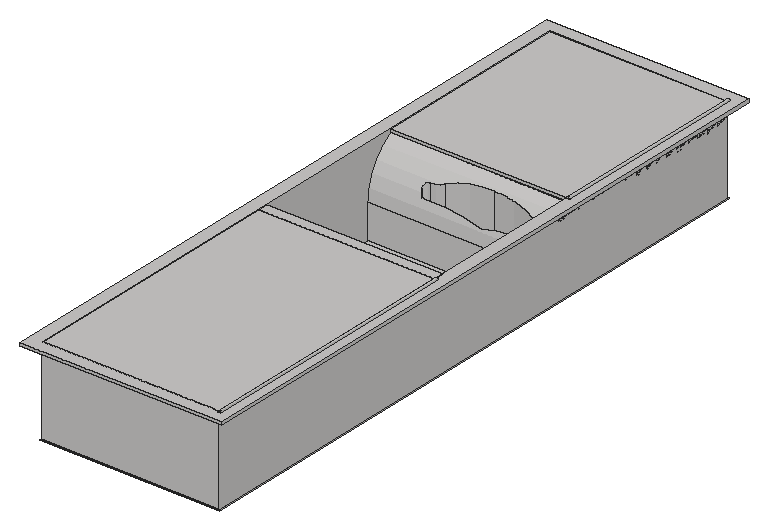
Revit family "Towel_Dispensers-Bradley_Corp-238", category Specialty Equipment, host Face, Revit 2012
Parameters (values of type "Recessed")
  Width = 17 1/8"
  Warranty Information = "Complete unit, excepting mirrors warranted for one year.\r\n Stainless steel mirror frames for fifteen years.\r\n Plate glass mirrors for fifteen years.\r\n This warranty does not cover installation or any other labor charges and does not apply to any units,\r\n which have been damaged by accident, abuse, improper installation, improper maintenance, or altered in any way."
  Void Depth = 7 1/2"
  Version = "2.0"
  URL = "http://www.bradleycorp.com/"
  Type Comments = "Recessed"
  Specifications URL = "http://www.bradleycorp.com/3partspec"
  Product Tech Data URL - Spanish = ""
  Product Tech Data URL - French = ""
  Product Tech Data URL - English = "http://bradleycorp.com/download/152/8140.pdf"
  OmniClass Table 23 Title = "Paper Towel Dispenser, Disposal Units"
  OmniClass Table 23 Number = "23-31 25 19 11"
  OmniClass Table 21 Title = "Toilet, Bath, and Laundry Accessories"
  OmniClass Table 21 Number = "21-03 10 90 40"
  Cup Dispenser = 4"
  Modeling Code = ""
  Model = "238-000000"
  MasterFormat Title = "Toilet Accessories"
  MasterFormat Number = "10 28 13. 13"
  Manufacturer = "Bradley Corporation"
  Industry Standards = ""
  Height = 56"
  Fire Rating = "n/a"
  Description = "Towel Dispenser, Waste Receptacle"
  Depth of which projects = 1/4"
  Depth = 7 1/2"
  Default Elevation = 48"
  Copyright = "This Model Data is Property of Bradley Corporation"
  Cabinet Material = Metal - Bradley Corp - Stainless Steel Satin
  Buy American Act = "Yes"
  Assembly Code = "C1030200"
  ADA Compliant = "Yes"
Types (7): name | Void Depth | Type Comments | Cup Dispenser | Model | Depth of which projects
  (no name) | 7 1/2" | "Recessed" | 4" | "238-000000" | 1/4"
  Recessed | 7 1/2" | "Recessed" | 4" | "238-000000" | 1/4"
  Recessed w/Cup Dispenser | 7 1/2" | "Recessed" | 10" | "238-270000" | 1/4"
  Semi-Recessed | 3 1/2" | "Semi-Recessed" | 4" | "238-100000" | 4"
  Semi-Recessed w/Cup Dispenser | 3 1/2" | "Semi-Recessed" | 10" | "238-102700" | 4"
  Surface-Mounted | 1/128" | "Surface Mount" | 4" | "238-110000" | 7 1/2"
  Surface-Mounted w/Cup Dispenser | 1/128" | "Surface Mount" | 10" | "238-112700" | 7 1/2"
Reference planes (in)
  plane 1 "Center (Front/Back)": y = 0
  plane 2: z = 0
  plane 3 "Center (Left/Right)": x = 0
  plane 4 "Top": y = 28
  plane 5 "Left": x = 8.5625
  plane 6 "Right": x = -8.5625
  plane 7 "Bottom": y = -28
  plane 8 "Back": z = -7.25
  plane 9 "Front": z = 0.25
  plane 10: z = 0
  plane 11 "Door Bottom": y = 10
  plane 12: x = -7.625
  plane 13: x = 7.625
  plane 14: y = -27.0625
  plane 15: y = 27.0625
  plane 16 "Waste Top": y = -4
  plane 17 "Waste Top Bar": y = -3.125
  plane 18 "Center (Elevation)": y = 8.14941
Forms (in)
  Extrusion 1, void
    sketch origin (0, 0, 0) x (1, 0, 0) y (0, 1, 0)
      loop
        line (-7.875, 27.25) -> (-7.875, -27.25) -> (7.875, -27.25) -> (7.875, 27.25) -> (-7.875, 27.25)
    from 0 to -7.5
  Extrusion 2, solid, material "Metal - Bradley Corp - Stainless Steel Satin" <- "Cabinet Material"
    sketch origin (0, 0, 0.25) x (0, 1, 0) y (-1, 0, 0)
      loop
        line (28, 8.5625) -> (-28, 8.5625) -> (-28, -8.5625) -> (28, -8.5625) -> (28, 8.5625)
      loop
        line (27, 7.5625) -> (-27, 7.5625) -> (-27, -7.5625) -> (27, -7.5625) -> (27, 7.5625)
    from 0 to -0.25
  Extrusion 3, solid, material "Metal - Bradley Corp - Stainless Steel Satin" <- "Cabinet Material"
    sketch origin (0, 0, -7.25) x (-1, 0, 0) y (0, -1, 0)
      loop
        line (7.625, -27.0625) -> (7.625, 27.0625) -> (-7.625, 27.0625) -> (-7.625, -27.0625) -> (7.625, -27.0625)
    from 0 to 0.0625
  Extrusion 4, solid, material "Metal - Bradley Corp - Stainless Steel Satin" <- "Cabinet Material"
    sketch origin (0, -28, 0) x (-1, 0, 0) y (0, 0, 1)
      loop
        line (7.5625, -7.1875) -> (7.5625, 0.1875) -> (-7.5625, 0.1875) -> (-7.5625, -7.1875) -> (7.5625, -7.1875)
      loop
        line (7.5, -7.125) -> (7.5, 0.125) -> (-7.5, 0.125) -> (-7.5, -7.125) -> (7.5, -7.125)
    from 1 to 24
  Extrusion 5, solid, material "Metal - Bradley Corp - Stainless Steel Satin" <- "Cabinet Material"
    sketch origin (0, -28, 0) x (-1, 0, 0) y (0, 0, 1)
      loop
        line (7.5625, 0.1875) -> (-7.5625, 0.1875) -> (-7.5625, -7.1875) -> (7.5625, -7.1875) -> (7.5625, 0.1875)
    from 1.0625 to 1
  Extrusion 6, solid, material "Metal - Bradley Corp - Stainless Steel Satin" <- "Cabinet Material", detail levels fine
    sketch origin (0, 0, 0) x (0, 1, 0) y (0, 0, 1)
      loop
        line (27, -7.1875) -> (27, 0) -> (10, 0)
        arc (10, 0) -> (8.21005, -1.8093) -> (7.55573, -4.26884) r 4.94984
        line (7.55573, -4.26884) -> (7.55573, -7.1875) -> (27, -7.1875)
    from -7.5625 to 7.5625
  Extrusion 7, void
    sketch origin (0, 0, -7.25) x (-1, 0, 0) y (0, -1, 0)
      loop
        arc (-2.05424, -9.07491) -> (-0.1554, -8.94766) -> (1.70497, -8.54659) r 13.09818
        arc (1.70497, -8.54659) -> (2.28387, -8.42178) -> (2.87475, -8.38218) r 4.07588
        arc (2.87475, -8.38218) -> (3.12121, -8.31691) -> (3.30097, -8.1361) r 0.48727
        arc (3.30097, -8.1361) -> (3.16033, -7.93621) -> (2.92438, -7.87241) r 0.35956
        arc (2.92438, -7.87241) -> (0.43371, -7.83661) -> (-2.05424, -7.71486) r 72.15437
        arc (-2.05424, -7.71486) -> (-4.54219, -7.83661) -> (-7.03286, -7.87241) r 72.15437
        arc (-7.03286, -7.87241) -> (-7.26881, -7.93621) -> (-7.40946, -8.1361) r 0.35956
        arc (-7.40946, -8.1361) -> (-7.2297, -8.31691) -> (-6.98324, -8.38218) r 0.48727
        arc (-6.98324, -8.38218) -> (-6.39236, -8.42178) -> (-5.81345, -8.54659) r 4.07588
        arc (-5.81345, -8.54659) -> (-3.95309, -8.94766) -> (-2.05424, -9.07491) r 13.09818
    from 0 to 7.5
  Extrusion 8, solid, material "Metal - Bradley Corp - Stainless Steel Satin" <- "Cabinet Material", detail levels coarse+medium
    sketch origin (0, 0, 0) x (0, 1, 0) y (0, 0, 1)
      loop
        line (27, -7.1875) -> (27, 0.25) -> (10, 0.25) -> (10, 0)
        arc (10, 0) -> (8.21005, -1.8093) -> (7.55573, -4.26884) r 4.94984
        line (7.55573, -4.26884) -> (7.55573, -7.1875) -> (27, -7.1875)
    from -7.5625 to 7.5625
  Extrusion 9, solid, material "Metal - Bradley Corp - Stainless Steel Satin" <- "Cabinet Material", detail levels fine
    sketch origin (0, 0, 4) x (0, 1, 0) y (-1, 0, 0)
      loop
        line (26.9375, 7.5) -> (10, 7.5) -> (10, -7.5) -> (26.9375, -7.5) -> (26.9375, 7.5)
    from -4 to -3.75
  Extrusion 10, solid, material "Metal - Bradley Corp - Stainless Steel Satin" <- "Cabinet Material", detail levels fine
    sketch origin (0, -27, 0) x (1, 0, 0) y (0, 0, 1)
      loop
        line (7.50391, 0.25) -> (7.74609, 0.25)
        arc (7.74609, 0.25) -> (7.625, 0.37109) -> (7.50391, 0.25) r 0.12109
    from -54.0625 to -37
  Extrusion 11, solid, material "Metal - Bradley Corp - Stainless Steel Satin" <- "Cabinet Material"
    sketch origin (0, 0, -7.25) x (-1, 0, 0) y (0, -1, 0)
      loop
        line (7.5625, -27) -> (7.5625, 27) -> (-7.5625, 27) -> (-7.5625, -27) -> (7.5625, -27)
      loop
        line (-7.5, 26.9375) -> (-7.5, -26.9375) -> (7.5, -26.9375) -> (7.5, 26.9375) -> (-7.5, 26.9375)
    from 0 to 7.5
  Extrusion 12, void
    sketch origin (0, 0, 0) x (1, 0, 0) y (0, 0, 1)
      loop
        circle (-5.625, -3.75) r 1
    from 0 to -4
  Extrusion 13, solid, material "Metal - Bradley Corp - Stainless Steel Satin" <- "Cabinet Material", detail levels medium+fine
    sketch origin (0, 0, 0.25) x (0, 1, 0) y (-1, 0, 0)
      loop
        line (-3.125, 7.5) -> (-4, 7.5) -> (-4, -7.5) -> (-3.125, -7.5) -> (-3.125, 7.5)
    from 0 to -0.5
  Extrusion 14, solid, material "Metal - Bradley Corp - Stainless Steel Satin" <- "Cabinet Material", detail levels fine
    sketch origin (0, -58.09581, 0) x (1, 0, 0) y (0, 0, 1)
      loop
        line (7.50391, 0.25) -> (7.74609, 0.25)
        arc (7.74609, 0.25) -> (7.625, 0.37109) -> (7.50391, 0.25) r 0.12109
    from -54.09581 to -31.03331
  Extrusion 15, solid, material "Metal - Bradley Corp - Stainless Steel Satin" <- "Cabinet Material", detail levels medium+fine
    sketch origin (0, 0, 0.25) x (0, 1, 0) y (-1, 0, 0)
      loop
        line (-4.0665, 7.5) -> (-26.9375, 7.5) -> (-26.9375, -7.5) -> (-4.0665, -7.5) -> (-4.0665, 7.5)
    from 0 to -0.0625
Cuts and joins
  joined: Extrusion 4, Extrusion 5
  Extrusion 7, Extrusion 12 cuts Extrusion 6
  Extrusion 12 cuts Extrusion 2
  Extrusion 12 cuts Extrusion 11
  joined: Extrusion 2, Extrusion 11
Lines and regions (in)
  Masking region 1
    outline origin (0, 0, 0) x (1, 0, 0) y (0, 0, 1)
      loop
        line (8.5625, 0.25) -> (-8.5625, 0.25) -> (-8.5625, 0) -> (8.5625, 0) -> (8.5625, 0.25)
  Masking region 2
    outline origin (0, 0, 0) x (0, 1, 0) y (0, 0, 1)
      loop
        line (-28, 0.25) -> (-28, 0) -> (28, 0) -> (28, 0.25) -> (-28, 0.25)
  Masking region 3
    outline origin (0, 0, 0.25) x (0, 1, 0) y (-1, 0, 0)
      loop
        line (28, 8.5625) -> (-28, 8.5625) -> (-28, -8.5625) -> (28, -8.5625) -> (28, 8.5625)
  model lines, detail levels fine
    curve 1: line (8.5625, -28, 0) -> (8.5625, 28, 0)
    curve 2: line (8.5625, -28, 0) -> (-8.5625, -28, 0)
    curve 3: line (-8.5625, 28, 0) -> (-8.5625, -28, 0)
    curve 4: line (8.5625, 28, 0) -> (-8.5625, 28, 0)
    curve 6: circle (-6.17248, 19.04687, 0.25) r 0.30859 normal (0, 0, 1)
    curve 8: circle (-6.17248, -10.70313, 0.25) r 0.30859 normal (0, 0, 1)
  model lines, detail levels medium+fine
    curve 5: circle (-6.17248, 19.04687, 0.25) r 0.45313 normal (0, 0, 1)
    curve 7: circle (-6.17248, -10.70313, 0.25) r 0.45313 normal (0, 0, 1)
  symbolic lines, detail levels medium+fine
    curve 9: circle (-6.17248, 19.04687, 0.25) r 0.45313 normal (0, 0, 1)
    curve 10: circle (-6.17248, -10.70313, 0.25) r 0.45313 normal (0, 0, 1)
    curve 16: arc (-1.71307, 8.54437, 0.25) -> (0.1512, 8.94722, 0.25) -> (2.05421, 9.07505, 0.25) r 13.09826
    curve 17: arc (2.05421, 9.07505, 0.25) -> (3.97184, 8.94515, 0.25) -> (5.84982, 8.53602, 0.25) r 13.09825
    curve 18: spline (5.84982, 8.53602, 0.25) -> (5.93951, 8.51077, 0.25) -> (6.03075, 8.48769, 0.25) -> (6.1234, 8.46681, 0.25) -> (6.21733, 8.44818, 0.25) -> (6.3124, 8.4318, 0.25) -> (6.40847, 8.41771, 0.25) -> (6.5054, 8.40593, 0.25) -> (6.60305, 8.39647, 0.25) -> (6.70127, 8.38935, 0.25) -> (6.79992, 8.38458, 0.25) -> (6.89886, 8.38216, 0.25) -> (6.99794, 8.38211, 0.25)
    curve 19: arc (6.99794, 8.38211, 0.25) -> (7.23606, 8.31324, 0.25) -> (7.40949, 8.13614, 0.25) r 0.4873
    curve 20: arc (7.40949, 8.13614, 0.25) -> (7.26884, 7.93621, 0.25) -> (7.03287, 7.87241, 0.25) r 0.35957
    curve 21: arc (7.03287, 7.87241, 0.25) -> (4.5422, 7.8366, 0.25) -> (2.05425, 7.71485, 0.25) r 72.15437
    curve 22: arc (2.05425, 7.71485, 0.25) -> (-0.4337, 7.8366, 0.25) -> (-2.92436, 7.87241, 0.25) r 72.15437
    curve 23: arc (-2.92436, 7.87241, 0.25) -> (-3.16026, 7.93618, 0.25) -> (-3.3009, 8.13601, 0.25) r 0.35952
    curve 24: arc (-3.3009, 8.13601, 0.25) -> (-3.11602, 8.3197, 0.25) -> (-2.86292, 8.38181, 0.25) r 0.48719
    curve 25: spline (-2.86292, 8.38181, 0.25) -> (-2.76343, 8.38347, 0.25) -> (-2.66412, 8.38734, 0.25) -> (-2.56515, 8.3934, 0.25) -> (-2.46665, 8.40165, 0.25) -> (-2.36878, 8.41208, 0.25) -> (-2.27167, 8.42468, 0.25) -> (-2.17547, 8.43941, 0.25) -> (-2.08033, 8.45627, 0.25) -> (-1.98638, 8.47523, 0.25) -> (-1.89376, 8.49625, 0.25) -> (-1.80261, 8.51931, 0.25) -> (-1.71307, 8.54437, 0.25)
    curve 26: line (-7.625, 27.0625, 0.25) -> (7.625, 27.0625, 0.25)
    curve 27: line (-7.625, -27.0625, 0.25) -> (-7.625, 27.0625, 0.25)
    curve 28: line (7.625, -27.0625, 0.25) -> (-7.625, -27.0625, 0.25)
    curve 29: line (7.625, 27.0625, 0.25) -> (7.625, -27.0625, 0.25)
  symbolic lines, detail levels fine
    curve 11: circle (-6.17248, -10.70313, 0.25) r 0.30859 normal (0, 0, 1)
    curve 12: circle (-6.17248, 19.04687, 0.25) r 0.30859 normal (0, 0, 1)
  symbolic lines
    curve 13: line (-7.5, 10, 0.25) -> (7.5, 10, 0.25)
    curve 14: line (-7.5625, 7.55573, 0.25) -> (7.5625, 7.55573, 0.25)
    curve 15: line (7.5, -3.125, 0.25) -> (-7.5, -3.125, 0.25)
Dimensions and locks (in)
  equal spacing: plane 4 "Top", plane 1 "Center (Front/Back)", plane 7 "Bottom"
  "Height": plane 4 "Top" to plane 7 "Bottom"
  equal spacing: plane 6 "Right", plane 3 "Center (Left/Right)", plane 5 "Left"
  "Width": plane 6 "Right" to plane 5 "Left"
  locked: plane 9 "Front" to plane 10 at 0.25
  locked: Extrusion 1 sketch curve to Extrusion 1 sketch curve at 15.75
  locked: Extrusion 1 sketch curve to Extrusion 1 sketch curve at 54.5
  equal spacing: Extrusion 1 sketch curve, plane 1 "Center (Front/Back)", Extrusion 1 sketch curve
  equal spacing: Extrusion 1 sketch curve, plane 3 "Center (Left/Right)", Extrusion 1 sketch curve
  "Void Depth": Extrusion 1 to plane 2
  locked: plane 12 to plane 13 at 15.25
  equal spacing: plane 12, plane 3 "Center (Left/Right)", plane 13
  locked: plane 15 to plane 14 at 54.125
  equal spacing: plane 15, plane 1 "Center (Front/Back)", plane 14
  Extrusion 2 sketch curve to plane 13 = 1/16"
  locked: plane 12 to Extrusion 2 sketch curve at 0.0625
  locked: Extrusion 2 sketch curve to plane 15 at 0.0625
  locked: Extrusion 2 sketch curve to plane 14 at 0.0625
  locked: Extrusion 3 to plane 8 "Back" at 0.0625
  locked: plane 4 "Top" to plane 11 "Door Bottom" at 18
  locked: plane 13 to Extrusion 4 sketch curve at 0.0625
  locked: plane 12 to Extrusion 4 sketch curve at 0.0625
  locked: Extrusion 4 sketch curve to plane 8 "Back" at 0.0625
  locked: Extrusion 4 sketch curve to plane 12 at 0.125
  locked: Extrusion 4 sketch curve to plane 13 at 0.125
  locked: Extrusion 4 sketch curve to plane 8 "Back" at 0.125
  locked: Extrusion 5 sketch curve to plane 12 at 0.0625
  locked: Extrusion 5 sketch curve to plane 13 at 0.0625
  locked: Extrusion 5 sketch curve to plane 8 "Back" at 0.0625
  locked: Extrusion 8 sketch curve to plane 8 "Back" at 0.0625
  locked: plane 15 to Extrusion 8 sketch curve at 0.0625
  locked: Extrusion 9 sketch curve to plane 13 at 0.125
  locked: plane 12 to Extrusion 9 sketch curve at 0.125
  locked: Extrusion 9 sketch curve to plane 15 at 0.125
  locked: plane 15 to Extrusion 6 sketch curve at 0.0625
  "Depth": plane 9 "Front" to plane 8 "Back"
  locked: plane 8 "Back" to Extrusion 8 sketch curve at 2.98116
  Extrusion 11 sketch curve to Extrusion 11 sketch curve to plane 15 = 1/16" locked, 1/16" locked
  plane 12 to Extrusion 11 sketch curve to Extrusion 11 sketch curve = 1/16" locked, 1/16" locked
  Extrusion 11 sketch curve to Extrusion 11 sketch curve to plane 13 = 1/16" locked, 1/16" locked
  Extrusion 11 sketch curve to Extrusion 11 sketch curve to plane 14 = 1/16" locked, 1/16" locked
  locked: Extrusion 6 sketch curve to plane 8 "Back" at 0.0625
  locked: plane 8 "Back" to Extrusion 6 sketch curve at 2.98116
  plane 9 "Front" to Extrusion 4 sketch curve to Extrusion 4 sketch curve = 1/16" locked, 1/16" locked
  locked: plane 16 "Waste Top" to plane 7 "Bottom" at 24
  locked: plane 17 "Waste Top Bar" to plane 16 "Waste Top" at 0.875
  "Depth of which projects": plane 9 "Front" to plane 2
  locked: plane 9 "Front" to Extrusion 12 sketch curve at 4
  locked: Extrusion 12 sketch curve to plane 12 at 2
  "Cup Dispenser": Extrusion 12 to plane 1 "Center (Front/Back)"
  locked: Extrusion 13 sketch curve to plane 13 at 0.125
  locked: plane 12 to Extrusion 13 sketch curve at 0.125
  locked: plane 9 "Front" to Extrusion 13 at 0.5
  locked: plane 12 to Extrusion 15 sketch curve at 0.125
  locked: Extrusion 15 sketch curve to plane 13 at 0.125
  locked: Extrusion 15 sketch curve to plane 14 at 0.125
  locked: Extrusion 15 sketch curve to plane 16 "Waste Top" at 0.0665
  locked: Extrusion 15 to plane 9 "Front" at 0.0625
  aligned and locked: plane 2 to host face
  aligned and locked: level to host face
  aligned and locked: Extrusion 1 to plane 2
  aligned and locked: plane 6 "Right" to Extrusion 2 sketch curve
  aligned and locked: Extrusion 2 sketch curve to plane 4 "Top"
  aligned and locked: plane 7 "Bottom" to Extrusion 2 sketch curve
  aligned and locked: Extrusion 2 sketch curve to plane 5 "Left"
  aligned and locked: Extrusion 2 to plane 9 "Front"
  aligned and locked: Extrusion 2 to plane 2
  aligned and locked: curve 3 to plane 10
  aligned and locked: plane 10 to curve 1
  aligned and locked: plane 10 to curve 2
  aligned and locked: plane 10 to curve 4
  aligned and locked: plane 8 "Back" to Extrusion 3
  aligned and locked: cut or joined group of Extrusion 4, Extrusion 5 to cut or joined group of Extrusion 4, Extrusion 5
  aligned and locked: plane 8 "Back" to Extrusion 7
  aligned and locked: plane 9 "Front" to Extrusion 7
  aligned and locked: Extrusion 8 sketch curve to plane 9 "Front"
  aligned and locked: plane 11 "Door Bottom" to Extrusion 8 sketch curve
  aligned and locked: Extrusion 8 to Extrusion 2  (x2)
  aligned and locked: plane 11 "Door Bottom" to Extrusion 9 sketch curve
  aligned and locked: Extrusion 9 to plane 10
  aligned and locked: plane 9 "Front" to Extrusion 9
  aligned and locked: Extrusion 10 to plane 11 "Door Bottom"
  aligned and locked: plane 15 to Extrusion 10
  aligned and locked: plane 13 to Extrusion 10 sketch curve
  aligned and locked: plane 9 "Front" to Extrusion 10 sketch curve
  aligned and locked: plane 8 "Back" to Extrusion 11
  aligned and locked: Extrusion 5 sketch curve to cut or joined group of Extrusion 4, Extrusion 5
  aligned and locked: plane 16 "Waste Top" to Extrusion 4
  aligned and locked: plane 1 "Center (Front/Back)" to Extrusion 12
  aligned and locked: Extrusion 13 sketch curve to plane 17 "Waste Top Bar"
  aligned and locked: plane 16 "Waste Top" to Extrusion 13 sketch curve
  aligned and locked: Extrusion 13 to plane 9 "Front"
  aligned and locked: plane 16 "Waste Top" to Extrusion 14
  aligned and locked: Extrusion 14 to plane 14
  aligned and locked: plane 13 to Extrusion 14 sketch curve
  aligned and locked: plane 9 "Front" to Extrusion 14 sketch curve
  aligned and locked: Extrusion 15 to plane 9 "Front"
  aligned and locked: Masking region 1 sketch curve to cut or joined group of Extrusion 2, Extrusion 11, Extrusion 12  (x4)
  aligned and locked: Masking region 2 sketch curve to cut or joined group of Extrusion 2, Extrusion 11, Extrusion 12  (x4)
  aligned and locked: Masking region 3 sketch curve to curve 4
  aligned and locked: Masking region 3 sketch curve to curve 3
  aligned and locked: Masking region 3 sketch curve to curve 2
  aligned and locked: Masking region 3 sketch curve to curve 1
Automatic sketch dimensions
  host sketch curve to host sketch curve = 28.25175"
  host sketch curve to host sketch curve = 68.28924"
  curve 1 to Extrusion 2 = 0"  (x2)
  curve 2 to Extrusion 2 = 0"  (x2)
  curve 3 to Extrusion 2 = 0"  (x2)
  curve 4 to Extrusion 2 = 0"  (x2)
  Extrusion 6 sketch curve to plane 10 = 0"
  Extrusion 6 sketch curve to plane 11 "Door Bottom" = 0"
  Extrusion 6 sketch curve to Extrusion 6 sketch curve = 2.44427"
  Extrusion 7 sketch curve to plane 13 = 0.21554"
  Extrusion 7 sketch curve to Extrusion 7 sketch curve = 0.34688"  (x2)
  Extrusion 7 sketch curve to Extrusion 7 sketch curve = 0.02971"
  Extrusion 7 sketch curve to Extrusion 7 sketch curve = 0.0468"  (x2)
  Extrusion 7 sketch curve to Extrusion 7 sketch curve = 0.07934"  (x2)
  Extrusion 7 sketch curve to Extrusion 7 sketch curve = 0"  (x5)
  Extrusion 7 sketch curve to plane 13 = 0.66539"
  Extrusion 7 sketch curve to plane 13 = 0.80058"
  Extrusion 7 sketch curve to Extrusion 7 sketch curve = 1.16979"  (x2)
  Extrusion 7 sketch curve to plane 16 "Waste Top" = 0.02305"  (x2)
  plane 3 "Center (Left/Right)" to Extrusion 7 sketch curve = 2.13017"
  Extrusion 7 sketch curve to plane 11 "Door Bottom" = 0.92509"
  plane 3 "Center (Left/Right)" to Extrusion 7 sketch curve = 2.05424"
  Extrusion 7 sketch curve to Extrusion 7 sketch curve = 0.15186"
  Extrusion 7 sketch curve to plane 3 "Center (Left/Right)" = 1.70497"
  Extrusion 7 sketch curve to plane 3 "Center (Left/Right)" = 2.71593"
  plane 11 "Door Bottom" to Extrusion 7 sketch curve = 2.45799"
  Extrusion 7 sketch curve to Extrusion 7 sketch curve = 0.00282"
  Extrusion 7 sketch curve to Extrusion 7 sketch curve = 0.15145"  (x2)
  Extrusion 7 sketch curve to Extrusion 7 sketch curve = 1.36005"
  Extrusion 8 sketch curve to plane 10 = 0"
  Extrusion 8 sketch curve to plane 11 "Door Bottom" = 2.44427"
  Extrusion 10 sketch curve to Extrusion 10 sketch curve = 31/256"
  Extrusion 14 sketch curve to Extrusion 14 sketch curve = 31/256"
  curve 5 to curve 6 = 0"  (x2)
  curve 5 to curve 9 = 0"  (x2)
  curve 5 to curve 12 = 0"  (x2)
  curve 6 to curve 9 = 0"  (x2)
  curve 6 to curve 12 = 0"  (x2)
  curve 7 to curve 8 = 0"  (x2)
  curve 7 to curve 10 = 0"  (x2)
  curve 7 to curve 11 = 0"  (x2)
  curve 8 to curve 10 = 0"  (x2)
  curve 8 to curve 11 = 0"  (x2)
  curve 9 to curve 12 = 0"  (x2)
  curve 10 to curve 11 = 0"  (x2)
  curve 29 to plane 13 = 0"
  curve 29 to plane 14 = 0"
  curve 15 to plane 17 "Waste Top Bar" = 0"
  curve 13 to plane 11 "Door Bottom" = 0"
  curve 26 to plane 12 = 0"
  curve 26 to plane 15 = 0"
  curve 21 to plane 13 = 0.80058"
  curve 21 to plane 7 "Bottom" = 36.28166"
  curve 22 to plane 3 "Center (Left/Right)" = 2.71593"
  curve 22 to curve 21 = 0"
  plane 12 to curve 10 = 1.45252"
  curve 10 to plane 16 "Waste Top" = 6 45/64"
  curve 16 to plane 16 "Waste Top" = 0.02298"
  curve 17 to plane 16 "Waste Top" = 0.02298"
  plane 12 to curve 14 = 1/16"
  curve 14 to plane 18 "Center (Elevation)" = 0.59368"
  curve 22 to plane 18 "Center (Elevation)" = 0.43456"
  curve 22 to plane 18 "Center (Elevation)" = 0.27701"
  curve 21 to plane 18 "Center (Elevation)" = 0.277"
  curve 23 to curve 24 = 0.02243"
  curve 20 to curve 19 = 0.02254"
  curve 24 to plane 18 "Center (Elevation)" = 0.0134"
  curve 19 to plane 18 "Center (Elevation)" = 0.01328"
  plane 18 "Center (Elevation)" to curve 23 = 0.08129"
  plane 18 "Center (Elevation)" to curve 20 = 0.08134"
  curve 23 to curve 25 = 0.15111"
  curve 20 to curve 19 = 0.15136"
  plane 18 "Center (Elevation)" to curve 18 = 0.38661"
  plane 18 "Center (Elevation)" to curve 16 = 0.39496"
  curve 16 to plane 11 "Door Bottom" = 0.92495"
  curve 25 to plane 11 "Door Bottom" = 0.12585"
  curve 25 to plane 11 "Door Bottom" = 0.12547"
  curve 18 to plane 11 "Door Bottom" = 0.0527"
  curve 18 to plane 11 "Door Bottom" = 0.00741"
  plane 12 to curve 6 = 1.45252"
  curve 6 to plane 15 = 8 1/64"
  curve 14 to plane 13 = 1/16"
  curve 13 to plane 13 = 1/8"
  curve 15 to plane 13 = 1/8"
  curve 20 to plane 13 = 0.21551"
  curve 20 to curve 20 = 0.3469"
  curve 20 to curve 19 = 0.06464"
  curve 13 to curve 18 = 0.5046"
  plane 3 "Center (Left/Right)" to curve 17 = 2.13015"
  curve 17 to curve 16 = 0.15189"
  curve 25 to plane 3 "Center (Left/Right)" = 0.29933"
  curve 24 to curve 23 = 0.04677"
  plane 12 to curve 13 = 1/8"
  plane 12 to curve 15 = 1/8"
  radius of Extrusion 12 sketch curve = 1"
  radius of curve 5 = 29/64"
  radius of curve 6 = 79/256"
  radius of curve 7 = 29/64"
  radius of curve 8 = 79/256"
  radius of curve 9 = 29/64"
  radius of curve 10 = 29/64"
  radius of curve 11 = 79/256"
  radius of curve 12 = 79/256"
